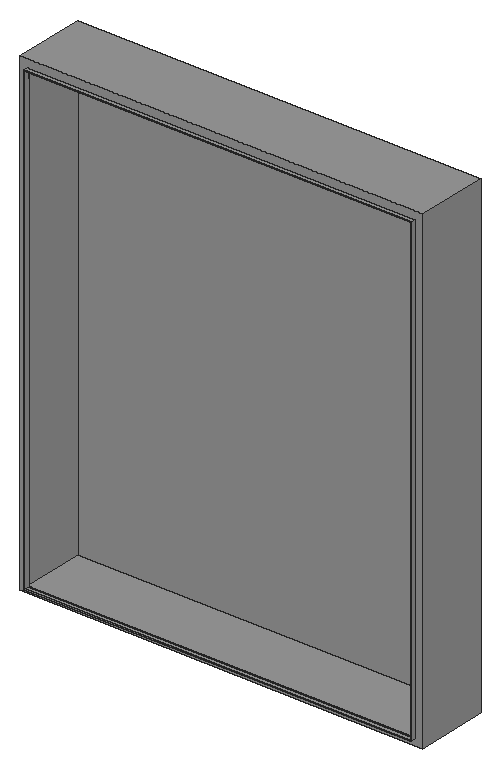
Revit family "Hager-Univers-IP30-D161-Cl.II-FWB-encl--NoHosted-CH-fr", category Electrical Equipment, Revit 2020
Family settings
  Panel Configuration = Two Columns, Circuits Across
  Round Connector Dimension = Use Diameter
  Part Type = Panelboard
  Work Plane-Based = Yes
  Always vertical = Yes
  Cut with Voids When Loaded = No
  Shared = No
  Room Calculation Point = No
Parameters (values of type "saillie IP30 L800 H950 P161  - FWB63D1")
  Width Control [instance] = if([EF000008 - largeur] > Min Width, [EF000008 - largeur], Min Width)  # 800 mm
  Type Comments = [HG000003 - Gamme]  # "Univers"
  Thickness Door [instance] = if([EF009171 - épaisseur de matériau de la porte/du couvercle] > 3 mm, 3 mm, [EF009171 - épaisseur de matériau de la porte/du couvercle])  # 1 mm
  Seal Frame Offset [instance] = 17 mm  # constant formula
  Plinth Visibility [instance] = [HG000027 - Hauteur du socle] > 0 mm  # no
  Min Width [instance] = 100 mm  # constant formula
  Min Depth [instance] = (2 * [EF009170 - épaisseur de matériau du boîtier]) + 1 mm  # 5 mm
  Min Height [instance] = 100 mm  # constant formula
  Internal Frame Depth [instance] = (Door System Depth * 0.5)  # 9 mm
  Panel Name [instance] = ""  # (empty or 0)
  Model = ""
  HG000027 - Hauteur du socle = 0 mm
  HG000026 - Installation au sol = no
  HG000024 - Hauteur de la section basse = 600 mm
  HG000023 - Armoire double section = no
  HG000016 - Visibilité de la porte 3D [instance] = yes
  HG000015 - Visibilité de l'emprise de la porte [instance] = no
  HG000014 - Porte à droite [instance] = yes
  HG000013 - Porte à gauche [instance] = not([HG000014 - Porte à droite])  # no
  HG000012 - Angle de pivotement de la porte [instance] = 30.00°
  HG000010 - Portes asymétriques = no
  HG000009 - Porte à double battant = no
  HG000006 - Encastré = no
  HG000004 - Référence fabricant = "FWB63D1"
  HG000003 - Gamme = "Univers"
  HG000002 - avec porte = no
  Frame Offset Bottom [instance] = 10 mm  # constant formula
  Frame Offset [instance] = 15 mm  # constant formula
  EF015940 - couvercle avec décharge de pression = no
  EF011959 - degré de protection (NEMA) = ""
  EF009554 - nombre d'ouvertures pour plaques à bride = 6
  EF009212 - finition du couvercle = "EV009916 - avec échancrure"
  EF009171 - épaisseur de matériau de la porte/du couvercle = 1 mm
  EF009170 - épaisseur de matériau du boîtier = 2 mm
  EF008873 - courant nominal (In) = 125 A
  EF007800 - adapté à un parafoudre = no
  EF006306 - avec serrure = no
  EF006244 - couvercle/porte transparent(e) = no
  EF005474 - indice de protection (IP) = "EV006410 - IP30"
  EF004464 - type de porte = "EV000494 - sans"
  EF004427 - nombre de modules = 216
  EF004293 - indice de protection contre les chocs (IK) = "EV006815 - IK09"
  EF003532 - convient pour utilisation à l’extérieur = no
  EF002950 - largeur en nombre de modules = 12
  EF001613 - maintien de fonction = "EV000494 - sans"
  EF001596 - matériau du boîtier/corps = "EV000179 - acier"
  EF001131 - profondeur intérieure = 160 mm
  EF001088 - possibilité de montage en saillie = yes
  EF000437 - nombre d'entrées de conduit = 12
  EF000339 - type de capot = "EV004216 - porte"
  EF000266 - nombre de rangées = 0
  EF000218 - profondeur d'encastrement = 0 mm
  EF000118 - avec cadre/support de montage = no
  EF000116 - numéro RAL = "9010"
  EF000049 - profondeur = 161 mm
  EF000040 - hauteur = 950 mm
  EF000008 - largeur = 800 mm
  EF000007 - couleur = "EV000202 - blanc"
  EF000003 - mode de pose = "EV000384 - saillie"
  Door System Leaf Tolerance [instance] = 1.5 mm  # constant formula
  Door System Depth [instance] = 18 mm  # constant formula
  Door Height [instance] = Height Control - [HG000027 - Hauteur du socle]  # 950 mm
  Description = ""
  Default Elevation = 1219.2 mm
  Connector Offset [instance] = Height Control / 2  # 475 mm
  Manufacturer = "Hager"  # constant formula
  Height Control [instance] = if([EF000040 - hauteur] > Min Height, [EF000040 - hauteur], Min Height)  # 950 mm
  Depth Control [instance] = if([EF000049 - profondeur] > Min Depth, [EF000049 - profondeur], Min Depth)  # 161 mm
  Bottom Top Plate Trim [instance] = 1.5 mm  # constant formula
  Plinth height Ctrl [instance] = if([HG000027 - Hauteur du socle] > 0 mm, [HG000027 - Hauteur du socle], 12 mm)  # 12 mm
Types (19, lengths in mm): name | Width Control | Thickness Door | Min Depth | HG000004 - Référence fabricant | EF009554 - nombre d'ouvertures pour plaques à bride | EF009212 - finition du couvercle | EF009171 - épaisseur de matériau de la porte/du couvercle | EF009170 - épaisseur de matériau du boîtier | EF004427 - nombre de modules | EF001131 - profondeur intérieure | EF000437 - nombre d'entrées de conduit | EF000339 - type de capot | EF000040 - hauteur | EF000008 - largeur | Door Height | Connector Offset | Height Control
  saillie IP30 L1050 H1100 P161  - FWB74D1 | 1050 | 1 | 3 | "FWB74D1" | 8 | "EV009916 - avec échancrure" | 1 | 1 | 336 | 156 | 16 | "EV000494 - sans" | 1100 | 1050 | 1100 | 550 | 1100
  saillie IP30 L1050 H500 P161  - FWB34D1 | 1050 | 2 | 3 | "FWB34D1" | 8 | "EV009916 - avec échancrure" | 2 | 1 | 144 | 156 | 16 | "EV000494 - sans" | 500 | 1050 | 500 | 250 | 500
  saillie IP30 L1050 H650 P161  - FWB44D1 | 1050 | 1 | 3 | "FWB44D1" | 8 | "EV000116 - fermé" | 1 | 1 | 192 | 160 | 16 | "EV004216 - porte" | 650 | 1050 | 650 | 325 | 650
  saillie IP30 L1050 H800 P161  - FWB54D1 | 1050 | 1 | 5 | "FWB54D1" | 8 | "EV009916 - avec échancrure" | 1 | 2 | 240 | 160 | 16 | "EV004216 - porte" | 800 | 1050 | 800 | 400 | 800
  saillie IP30 L1050 H950 P161  - FWB64D1 | 1050 | 1 | 5 | "FWB64D1" | 8 | "EV009916 - avec échancrure" | 1 | 2 | 288 | 160 | 16 | "EV004216 - porte" | 950 | 1050 | 950 | 475 | 950
  saillie IP30 L300 H1100 P161  - FWB71D1 | 300 | 1 | 3 | "FWB71D1" | 2 | "EV009916 - avec échancrure" | 1 | 1 | 84 | 156 | 4 | "EV000494 - sans" | 1100 | 300 | 1100 | 550 | 1100
  saillie IP30 L300 H1250 P161  - FWB81D1 | 300 | 1 | 3 | "FWB81D1" | 2 | "EV009916 - avec échancrure" | 1 | 1 | 96 | 160 | 4 | "EV000494 - sans" | 1250 | 300 | 1250 | 625 | 1250
  saillie IP30 L300 H650 P161  - FWB41D1 | 300 | 1 | 3 | "FWB41D1" | 2 | "EV000116 - fermé" | 1 | 1 | 48 | 160 | 4 | "EV004216 - porte" | 650 | 300 | 650 | 325 | 650
  saillie IP30 L300 H800 P161  - FWB51D1 | 300 | 1 | 3 | "FWB51D1" | 2 | "EV009916 - avec échancrure" | 1 | 1 | 60 | 156 | 4 | "EV000494 - sans" | 800 | 300 | 800 | 400 | 800
  saillie IP30 L300 H950 P161  - FWB61D1 | 300 | 1 | 3 | "FWB61D1" | 2 | "EV009916 - avec échancrure" | 1 | 1 | 72 | 156 | 4 | "EV000494 - sans" | 950 | 300 | 950 | 475 | 950
  saillie IP30 L550 H1100 P161  - FWB72D1 | 550 | 1 | 3 | "FWB72D1" | 4 | "EV009916 - avec échancrure" | 1 | 1 | 168 | 156 | 8 | "EV000494 - sans" | 1100 | 550 | 1100 | 550 | 1100
  saillie IP30 L550 H500 P161  - FWB32D1 | 550 | 2 | 5 | "FWB32D1" | 4 | "EV009916 - avec échancrure" | 2 | 2 | 72 | 156 | 8 | "EV000494 - sans" | 500 | 550 | 500 | 250 | 500
  saillie IP30 L550 H650 P161  - FWB42D1 | 550 | 1 | 3 | "FWB42D1" | 4 | "EV000116 - fermé" | 1 | 1 | 96 | 160 | 8 | "EV004216 - porte" | 650 | 550 | 650 | 325 | 650
  saillie IP30 L550 H800 P161  - FWB52D1 | 550 | 1 | 3 | "FWB52D1" | 4 | "EV009916 - avec échancrure" | 1 | 1 | 120 | 156 | 8 | "EV000494 - sans" | 800 | 550 | 800 | 400 | 800
  saillie IP30 L550 H950 P161  - FWB62D1 | 550 | 1 | 3 | "FWB62D1" | 4 | "EV009916 - avec échancrure" | 1 | 1 | 144 | 156 | 8 | "EV000494 - sans" | 950 | 550 | 950 | 475 | 950
  saillie IP30 L800 H500 P161  - FWB33D1 | 800 | 1 | 3 | "FWB33D1" | 6 | "EV000116 - fermé" | 1 | 1 | 108 | 160 | 12 | "EV004216 - porte" | 500 | 800 | 500 | 250 | 500
  saillie IP30 L800 H650 P161  - FWB43D1 | 800 | 1 | 5 | "FWB43D1" | 6 | "EV000116 - fermé" | 1 | 2 | 144 | 160 | 12 | "EV004216 - porte" | 650 | 800 | 650 | 325 | 650
  saillie IP30 L800 H800 P161  - FWB53D1 | 800 | 1 | 3 | "FWB53D1" | 6 | "EV000116 - fermé" | 1 | 1 | 180 | 160 | 12 | "EV004216 - porte" | 800 | 800 | 800 | 400 | 800
  saillie IP30 L800 H950 P161  - FWB63D1 | 800 | 1 | 5 | "FWB63D1" | 6 | "EV009916 - avec échancrure" | 1 | 2 | 216 | 160 | 12 | "EV004216 - porte" | 950 | 800 | 950 | 475 | 950
Reference planes
  plane 1 "Center (Front/Back)": y = 0
  plane 2: z = 0
  plane 3 "Center (Left/Right)": x = 0
  plane 4: y = 0
  plane 5: y = 0
  plane 6: z = 0
  plane 7: x = -400
  plane 8: x = 400
  plane 9: x = 398
  plane 10: x = -398
  plane 11: z = 0
  plane 12: z = 2
  plane 13: y = -161
  plane 14: y = -2
  plane 15: x = 0
  plane 16: y = -143
  plane 17: y = -159
  plane 18: y = -141
  plane 19: x = -383
  plane 20: x = 383
  plane 21: z = 12
  plane 22: x = -383
  plane 23: x = 383
  plane 24: z = 0
  plane 25: z = 950
  plane 26: z = 950
  plane 27: z = 933
  plane 28: z = 948
Forms (mm)
  Extrusion 1, solid, material "Hager_Steel_RAL7035_Light_Grey", detail levels medium+fine
    sketch origin (-208.679, -4572, 0) x (-1, 0, 0) y (0, -1, 0)
      loop
        line (191.321, -4429) -> (-608.679, -4429) -> (-608.679, -4572) -> (191.321, -4572) -> (191.321, -4429)
    from 0 to 950
  Extrusion 2, void
    sketch origin (-350.771, -161, 1219.2) x (1, 0, 0) y (0, 0, 1)
      loop
        line (-47.229, -271.2) -> (-47.229, -1217.2) -> (748.771, -1217.2) -> (748.771, -271.2) -> (-47.229, -271.2)
    from -20 to -159
  Extrusion 3, void
    sketch origin (-290.084, -143, 1219.2) x (1, 0, 0) y (0, 0, 1)
      loop
        line (-92.916, -1207.2) -> (673.084, -1207.2) -> (673.084, -286.2) -> (-92.916, -286.2) -> (-92.916, -1207.2)
    from 0 to -2
  Extrusion 4, solid, material "Hager_Steel_RAL7035_Light_Grey", visible <- "Plinth Visibility", detail levels medium+fine
    sketch origin (0, 0, 0) x (1, 0, 0) y (0, 1, 0)
      loop
        line (-400, 0) -> (-400, -143) -> (400, -143) -> (400, 0) -> (-400, 0)
    from 0 to 12 <- "Plinth height Ctrl"
  Extrusion 5, solid, material "Hager_Steel_RAL7035_Light_Grey", detail levels coarse
    sketch origin (0, 0, 0) x (1, 0, 0) y (0, 1, 0)
      loop
        line (-400, 0) -> (-400, -161) -> (400, -161) -> (400, 0) -> (-400, 0)
    from 0 to 950 <- "Height Control"
  Sweep 6, void
    path in 3D
      loop
        line (-400, -143, 12) -> (400, -143, 12) -> (400, 0, 12) -> (-400, 0, 12) -> (-400, -143, 12)
    profile origin (-400, -71.5, 12) x (1, 0, 0) y (0, 0, 1)
      loop
        line (0, 0) -> (0, -1.5) -> (1.5, -1.5)
        arc (1.5, -1.5) -> (1.061, -0.439) -> (0, 0) r 1.5
  Extrusion 7, solid, material "Hager_Steel_RAL7035_Light_Grey", detail levels fine
    sketch origin (-400, -143, 0) x (1, 0, 0) y (0, 0, 1)
      loop
        line (17, 12) -> (783, 12) -> (783, 933) -> (17, 933) -> (17, 12)
      loop
        line (16, 11) -> (784, 11) -> (784, 934) -> (16, 934) -> (16, 11)
    from 0 to 9 <- "Internal Frame Depth"
Cuts and joins
  Extrusion 2, Extrusion 3 cuts Extrusion 1
  Sweep 6 cuts Extrusion 4
Lines and regions (mm)
  Masking region 1
    outline origin (0, 0, 0) x (1, 0, 0) y (0, 1, 0)
      loop
        line (-400, 0) -> (-400, -161) -> (400, -161) -> (400, 0) -> (-400, 0)
  Masking region 2, detail levels coarse
    outline origin (-290.084, -143, 1219.2) x (-1, 0, 0) y (0, 0, 1)
      loop
        line (-690.084, -1219.2) -> (109.916, -1219.2) -> (109.916, -269.2) -> (-690.084, -269.2) -> (-690.084, -1219.2)
  Masking region 3, detail levels coarse
    outline origin (0, 0, 0) x (0, 1, 0) y (0, 0, 1)
      loop
        line (0, 0) -> (0, 950) -> (-161, 950) -> (-161, 0) -> (0, 0)
  Masking region 4, visible <- "Plinth Visibility", detail levels medium+fine
    outline origin (0, 0, 0) x (0, 1, 0) y (0, 0, 1)
      loop
        line (-1.5, 12) -> (-141.5, 12)
        arc (-141.5, 12) -> (-141.939, 10.939) -> (-143, 10.5) r 1.5
        line (-143, 10.5) -> (-143, 0) -> (0, 0) -> (0, 10.5)
        arc (0, 10.5) -> (-1.061, 10.939) -> (-1.5, 12) r 1.5
  Masking region 5, detail levels medium+fine
    outline origin (0, 0, 594.038) x (0, 1, 0) y (0, 0, 1)
      loop
        line (0, -594.038) -> (0, 355.962) -> (-143, 355.962) -> (-143, -594.038) -> (0, -594.038)
  Masking region 6, detail levels medium+fine
    outline origin (-359.7, -143, 1211.883) x (-1, 0, 0) y (0, 0, 1)
      loop
        line (-759.7, -1211.883) -> (40.3, -1211.883) -> (40.3, -261.883) -> (-759.7, -261.883) -> (-759.7, -1211.883)
  Masking region 7, visible <- "Plinth Visibility", detail levels medium+fine
    outline origin (-320.334, -143, 1041.368) x (-1, 0, 0) y (0, 0, 1)
      loop
        line (-720.334, -1041.368) -> (79.666, -1041.368) -> (79.666, -1030.868)
        arc (79.666, -1030.868) -> (78.606, -1030.429) -> (78.166, -1029.368) r 1.5
        line (78.166, -1029.368) -> (-718.834, -1029.368)
        arc (-718.834, -1029.368) -> (-719.273, -1030.429) -> (-720.334, -1030.868) r 1.5
        line (-720.334, -1030.868) -> (-720.334, -1041.368)
  sketch lines
    curve 1: line (-400, 0, 12) -> (-400, -143, 12)
    curve 2: line (-400, -143, 12) -> (400, -143, 12)
    curve 3: line (400, 0, 12) -> (-400, 0, 12)
    curve 4: line (400, -143, 12) -> (400, 0, 12)
Dimensions and locks
  locked: plane 1 "Center (Front/Back)" to plane 5
  "EF009170 - épaisseur de matériau du boîtier": plane 7 to plane 10
  "EF009170 - épaisseur de matériau du boîtier": plane 8 to plane 9
  equal spacing: plane 7, plane 3 "Center (Left/Right)", plane 8
  "Width Control": plane 7 to plane 8
  "Depth Control": plane 4 to plane 13
  "EF009170 - épaisseur de matériau du boîtier": plane 4 to plane 14
  "Height Control": plane 25 to level
  "HG000027 - Hauteur du socle": plane 11 to level
  "EF009170 - épaisseur de matériau du boîtier": plane 12 to plane 11
  "EF009170 - épaisseur de matériau du boîtier": plane 17 to plane 13
  "EF009170 - épaisseur de matériau du boîtier": plane 18 to plane 16
  "Frame Offset Bottom": plane 21 to plane 12
  "Frame Offset": plane 10 to plane 19
  "Frame Offset": plane 9 to plane 20
  "Door System Depth": plane 16 to plane 13
  "Seal Frame Offset": plane 7 to plane 22
  "Seal Frame Offset": plane 8 to plane 23
  "EF009170 - épaisseur de matériau du boîtier": plane 26 to plane 28
  "Frame Offset": plane 28 to plane 27
  "Connector Offset": plane 2 to connector elem
  "Bottom Top Plate Trim": profile plane to Sweep 6 sketch curve
  "Bottom Top Plate Trim": Sweep 6 sketch curve to Sweep 6 sketch curve
  "Plinth height Ctrl": Masking region 4 sketch curve to level
  "Plinth height Ctrl": Masking region 7 sketch curve to level
  "Thickness Door": Extrusion 7 sketch curve to Extrusion 7 sketch curve  (x4)
  "Bottom Top Plate Trim": radius of Sweep 6 sketch curve
  "Bottom Top Plate Trim": radius of Masking region 4 sketch curve  (x2)
  "Bottom Top Plate Trim": radius of Masking region 7 sketch curve  (x2)
  aligned and locked: Extrusion 2 sketch curve to plane 12
  aligned and locked: Extrusion 2 sketch curve to plane 9
  aligned and locked: Extrusion 2 sketch curve to plane 10
  aligned and locked: Extrusion 2 to plane 14
  aligned and locked: Extrusion 1 sketch curve to plane 4
  aligned and locked: plane 8 to Extrusion 1 sketch curve
  aligned and locked: plane 7 to Extrusion 1 sketch curve
  aligned and locked: Extrusion 2 to plane 18
  aligned and locked: Extrusion 3 sketch curve to plane 19
  aligned and locked: plane 20 to Extrusion 3 sketch curve
  aligned and locked: Extrusion 3 to Extrusion 2
  aligned and locked: Extrusion 3 sketch curve to plane 21
  aligned and locked: plane 3 "Center (Left/Right)" to nested 1
  aligned and locked: Extrusion 1 sketch curve to plane 16
  aligned and locked: Extrusion 4 sketch curve to cut or joined group of Extrusion 1, Extrusion 2, Extrusion 3
  aligned and locked: Masking region 1 sketch curve to plane 7
  aligned and locked: Masking region 1 sketch curve to plane 5
  aligned and locked: Masking region 1 sketch curve to plane 8
  aligned and locked: Masking region 2 sketch curve to level
  aligned and locked: level to Masking region 3 sketch curve
  aligned and locked: plane 1 "Center (Front/Back)" to Masking region 3 sketch curve
  aligned and locked: plane 13 to Masking region 3 sketch curve
  aligned and locked: plane 5 to Masking region 4 sketch curve
  aligned and locked: Masking region 2 sketch curve to plane 8
  aligned and locked: Masking region 2 sketch curve to plane 7
  aligned and locked: plane 7 to nested 2
  aligned and locked: nested 2 to plane 5
  aligned and locked: plane 5 to Masking region 5 sketch curve
  aligned and locked: plane 26 to Masking region 5 sketch curve
  aligned and locked: Extrusion 5 sketch curve to plane 8
  aligned and locked: Extrusion 5 sketch curve to plane 7
  aligned and locked: Extrusion 5 sketch curve to plane 5
  aligned and locked: Extrusion 3 sketch curve to plane 27
  aligned and locked: Extrusion 2 sketch curve to plane 28
  aligned and locked: Masking region 2 to plane 25
  aligned and locked: Extrusion 4 to plane 16
  aligned and locked: profile plane to Sweep 6 sketch curve
  aligned and locked: Masking region 5 sketch curve to plane 24
  aligned and locked: level to Masking region 4 sketch curve
  aligned and locked: Masking region 1 to plane 13
  aligned and locked: nested 1 to plane 16
  aligned and locked: Masking region 3 to plane 25
  aligned and locked: plane 16 to Masking region 4 sketch curve
  aligned and locked: Masking region 5 sketch curve to plane 16
  aligned and locked: plane 24 to plane 11
  aligned and locked: plane 26 to plane 25
  aligned and locked: plane 26 to cut or joined group of Extrusion 1, Extrusion 2, Extrusion 3
  aligned and locked: nested 1 to plane 24
  aligned and locked: Extrusion 1 to Extrusion 3
  aligned and locked: Masking region 6 sketch curve to plane 8
  aligned and locked: Masking region 6 sketch curve to plane 24
  aligned and locked: Masking region 6 sketch curve to plane 7
  aligned and locked: Masking region 6 sketch curve to plane 26
  aligned and locked: Masking region 7 sketch curve to plane 7
  aligned and locked: level to Masking region 7 sketch curve
  aligned and locked: Masking region 7 sketch curve to plane 8
  aligned and locked: Extrusion 7 sketch curve to cut or joined group of Extrusion 1, Extrusion 2, Extrusion 3  (x4)
Automatic sketch dimensions
  plane 19 to Extrusion 3 sketch curve = 0 mm
  Extrusion 3 sketch curve to plane 20 = 0 mm
  Extrusion 3 sketch curve to plane 21 = 0 mm
  Extrusion 4 sketch curve to plane 7 = 0 mm
  Extrusion 4 sketch curve to plane 8 = 0 mm
  Extrusion 4 sketch curve to plane 16 = 0 mm
  Masking region 1 sketch curve to plane 13 = 0 mm
  Masking region 2 sketch curve to plane 25 = 0 mm
  Masking region 3 sketch curve to plane 25 = 0 mm
  Extrusion 5 sketch curve to plane 13 = 0 mm
  profile plane to Sweep 6 sketch curve = 0 mm
Nested families
  nested 1: "EC000058_Univers_Door" at (0, -143, 0), Double <- "HG000009 - Porte à double battant", Transparent <- "EF006244 - couvercle/porte transparent(e)", Angle <- "HG000012 - Angle de pivotement de la porte", Door_Right <- "HG000014 - Porte à droite", Assymetrical <- "HG000010 - Portes asymétriques", Door <- "HG000002 - avec porte", Width_Ctrl <- "Width Control", 3d_Door <- "HG000016 - Visibilité de la porte 3D", Clearance <- "HG000015 - Visibilité de l'emprise de la porte", Door_Left <- "HG000013 - Porte à gauche", Width <- "Width Control", Door_Depth <- "Door System Depth", Leaf_Tolerance <- "Door System Leaf Tolerance", Height <- "Door Height", Lock_Visibility <- "EF006306 - avec serrure", Thickness <- "Thickness Door", type "EC000058_Univers_Door", detail levels medium+fine
    with min_wh 3 mm, Width_Ctrl 800 mm, Width 800 mm, Transparent no, Thickness 1 mm, Seal_Material Hager_Rubber, Lock_Visibility no, Lock_Material Hager_Plastic_RAL9005_Jet_Black, Leaf_Width 800 mm, Leaf_Tolerance_External_Sides 0 mm, Leaf_Tolerance 1.5 mm, Leaf_Offset 0 mm, Leaf_Height 947 mm, Leaf_2_Width 800 mm, Leaf_2_Offset 400 mm, Leaf_1_Width 800 mm, Leaf_1_Offset 400 mm, Height_Ctrl 950 mm, Height 950 mm, Glass_Material Hager_Glass, Double_Clearance_Ctrl no, Double no, Door_Right_Ctrl no, Door_Right yes, Door_Material Hager_Steel_RAL7035_Light_Grey, Door_Left_Ctrl no, Door_Left no, Door_Depth 18 mm, Door no, Clearance_Material Hager_Clearance, Clearance_Depth 800 mm, Clearance_Ctrl no, Clearance no, Assymetrical no, Angle 30.00°, 3d_Door yes
  nested 2: "Hager_Enclosure_Symbol" at (-400, 0, 0), Height <- "Depth Control", Width <- "Width Control", type "Hager_Enclosure_Symbol"
    with Width_Ctrl 800 mm, Width 800 mm, Height_Ctrl 161 mm, Height 161 mm, A_Width_Int 10.566 mm, A_Width 126.788 mm, A_Height_Ctrl 140.875 mm, A_Height 140.875 mm
Connectors
  electrical at (0, 0, 475)
    settings: on plane 1 "Center (Front/Back)", index 1, voltage 0 V, apparent load 0 VA, apparent load phase1 0 VA, apparent load phase2 0 VA, apparent load phase3 0 VA, power factor 1, load classification "Other", number of poles 1, system type 30, power factor state 1, is connector primary yes, connector utility no, sub classification motor no, connector description ""
Definition of nested family "EC000058_Univers_Door"
  Parameters (values of type "EC000058_Univers_Door")
    min_wh [instance] = (2 * Thickness) + 1 mm  # 11 mm
    Width_Ctrl [instance] = 400 mm
    Width [instance] = 500 mm
    Transparent [instance] = yes
    Thickness [instance] = 5 mm
    Seal_Material [instance] = none
    Lock_Visibility [instance] = yes
    Lock_Material [instance] = none
    Leaf_Width [instance] = if((Width_Ctrl - 2 * Leaf_Tolerance_External_Sides) > 0 mm, (Width_Ctrl - 2 * Leaf_Tolerance_External_Sides), min_wh)  # 400 mm
    Leaf_Tolerance_External_Sides [instance] = 0 mm  # constant formula
    Leaf_Tolerance [instance] = 1.5 mm
    Leaf_Offset [instance] = 0 mm  # constant formula
    Leaf_Height [instance] = if((Height_Ctrl - 2 * Leaf_Tolerance) > 0 mm, (Height_Ctrl - 2 * Leaf_Tolerance), min_wh)  # 497 mm
    Leaf_2_Width [instance] = if(and(and(Double, Assymetrical), Door_Left), (Leaf_Width / 3) - (Leaf_Tolerance / 2), if(and(and(Double, Assymetrical), Door_Right), (Leaf_Width / 3) * 2 - (Leaf_Tolerance / 2), if(and(Double, not(Assymetrical)), (Leaf_Width / 2) - Leaf_Tolerance, Leaf_Width)))  # 400 mm
    Leaf_2_Offset [instance] = if(and(Double, Assymetrical), Leaf_2_Width / 2, if(and(Double, not(Assymetrical)), Leaf_Width / 4, Leaf_Width / 2))  # 200 mm
    Leaf_1_Width [instance] = if(and(and(Double, Assymetrical), Door_Right), (Leaf_Width / 3) - (Leaf_Tolerance / 2), if(and(and(Double, Assymetrical), Door_Left), (Width / 3) * 2 - (Leaf_Tolerance / 2), if(and(Double, not(Assymetrical)), (Leaf_Width / 2) - Leaf_Tolerance, Leaf_Width)))  # 400 mm
    Leaf_1_Offset [instance] = if(and(Double, Assymetrical), Leaf_1_Width / 2, if(and(Double, not(Assymetrical)), Leaf_Width / 4, Leaf_Width / 2))  # 200 mm
    Height_Ctrl [instance] = if(Height > min_wh, Height, min_wh)  # 500 mm
    Height [instance] = 500 mm
    Glass_Material [instance] = none
    Double_Clearance_Ctrl [instance] = and(Double, Clearance)  # no
    Double [instance] = no
    Door_Right_Ctrl [instance] = and(or(Door_Right, Double), Door)  # yes
    Door_Right [instance] = yes
    Door_Material [instance] = none
    Door_Left_Ctrl [instance] = and(or(Door_Left, Double), Door)  # no
    Door_Left [instance] = no
    Door_Depth [instance] = 30 mm
    Door [instance] = yes
    Default Elevation = 1219.2 mm
    Clearance_Material [instance] = none
    Clearance_Depth [instance] = if(Leaf_1_Width > Leaf_2_Width, Leaf_1_Width, Leaf_2_Width)  # 400 mm
    Clearance_Ctrl [instance] = and(not(Double), Clearance)  # yes
    Clearance [instance] = yes
    Assymetrical [instance] = yes
    Angle [instance] = 30.00°
    3d_Door [instance] = yes
  Reference planes
    plane 1 "Center (Front/Back)": y = 0
    plane 2 "Bottom": z = 0
    plane 3 "Center (Left/Right)": x = 0
    plane 4: z = 500
    plane 5: x = -200
    plane 6: x = 200
    plane 7: z = 500
    plane 8: x = -200
    plane 9: z = 0
    plane 10: x = 200
    plane 11: y = 0
    plane 12: z = 1.5
    plane 13: x = -600
    plane 14: y = -400
    plane 15: x = 600
    plane 16: x = 0
    plane 17: x = 0
    plane 18: x = -200
    plane 19: x = 200
    plane 20: z = 498.5
  Forms (mm)
    Extrusion 1, solid, material <- "Clearance_Material", visible <- "Double_Clearance_Ctrl"
      sketch origin (1200, 0, 0) x (1, 0, 0) y (0, 0, -1)
        loop
          line (-1800, -498.5) -> (-600, -498.5) -> (-600, 0) -> (-1800, 0) -> (-1800, -498.5)
      from 0 to -400
  Dimensions and locks
    equal spacing: plane 5, plane 3 "Center (Left/Right)", plane 6
    "Width_Ctrl": plane 5 to plane 6
    "Leaf_Offset": plane 5 to plane 8
    "Leaf_Offset": plane 6 to plane 10
    "Leaf_Offset": plane 9 to level
    "Leaf_Offset": plane 4 to plane 7
    "Height_Ctrl": plane 4 to level
    "Leaf_Tolerance": plane 12 to plane 9
    locked: plane 11 to plane 1 "Center (Front/Back)"
    "Leaf_1_Offset": plane 18 to plane 16
    "Leaf_2_Offset": plane 17 to plane 19
    "Leaf_1_Width": plane 13 to plane 8
    "Leaf_2_Width": plane 10 to plane 15
    "Clearance_Depth": plane 14 to plane 1 "Center (Front/Back)"
    "Leaf_Tolerance_External_Sides": plane 8 to plane 18
    "Leaf_Tolerance_External_Sides": plane 19 to plane 10
    "Leaf_Tolerance": plane 7 to plane 20
    aligned and locked: level to plane 2 "Bottom"
    aligned and locked: nested 1 to plane 16
    aligned and locked: nested 2 to plane 17
    aligned and locked: Extrusion 1 to plane 13
    aligned and locked: plane 15 to Extrusion 1
    aligned and locked: Extrusion 1 to plane 14
    aligned and locked: plane 12 to nested 1
    aligned and locked: nested 2 to plane 12
    aligned and locked: Extrusion 1 to plane 11
    aligned and locked: plane 20 to Extrusion 1
    aligned and locked: nested 2 to plane 11
    aligned and locked: nested 1 to plane 11
  Automatic sketch dimensions
    Extrusion 1 sketch curve to level = 0 mm
    plane 5 to Extrusion 1 sketch curve = 400 mm
    plane 6 to Extrusion 1 sketch curve = 400 mm
    Extrusion 1 sketch curve to plane 4 = 1.5 mm
  Nested families
    nested 1: "EC000058_Univers_Door_Leaf" at (0, 0, 1.5), Width <- "Leaf_1_Width", visible <- "Door_Left_Ctrl", Leaf_Height <- "Leaf_Height", Angle <- "Angle", 3d_Door <- "3d_Door", Transparent <- "Transparent", Clearance Material <- "Clearance_Material", Clearance <- "Clearance_Ctrl", Door_Material <- "Door_Material", Glass_Material <- "Glass_Material", Door_Depth <- "Door_Depth", Lock_Material <- "Lock_Material", Seal_Material <- "Seal_Material", Lock_Visibility <- "Lock_Visibility", Thickness <- "Thickness", type "EC000058_Univers_Door_Leaf"
      with Width 400 mm, Transparent_Glass_Offset 30 mm, Transparent_Ctrl yes, Transparent yes, Thickness 5 mm, Standard no, Seal_Material none, Seal_D2 8 mm, Seal_D1 1 mm, Offset_Internal_Frame 10 mm, Lock_Width 20 mm, Lock_Visibility_3d yes, Lock_Visibility yes, Lock_Thickness_3 3 mm, Lock_Thickness_2 1 mm, Lock_Thickness_1 3 mm, Lock_Radius_Offset_2 16 mm, Lock_Radius_Offset_1 15 mm, Lock_Radius_2 5 mm, Lock_Radius 6 mm, Lock_Offset 5 mm, Lock_Material none, Lock_Height 80 mm, Lock_Cover_Top_Offset_2d 17 mm, Lock_Cover_Height -65 mm, Leaf_Height 497 mm, Internal_Seal_Thickness 8 mm, Internal_Seal_Depth_2 4.5 mm, Internal_Frame_Depth 25 mm, Glass_Thickness -1 mm, Glass_Offset -2 mm, Glass_Material none, Door_Material none, Door_Depth 30 mm, Clearance Material none, Clearance yes, Angle_Ctrl 30.00°, Angle 30.00°, 3d_Door yes
    nested 2: "EC000058_Univers_Door_Leaf" at (0, 0, 1.5) x (-1, 0, 0) z (0, 0, 1), Width <- "Leaf_2_Width", visible <- "Door_Right_Ctrl", Leaf_Height <- "Leaf_Height", Angle <- "Angle", 3d_Door <- "3d_Door", Transparent <- "Transparent", Clearance Material <- "Clearance_Material", Clearance <- "Clearance_Ctrl", Door_Material <- "Door_Material", Glass_Material <- "Glass_Material", Door_Depth <- "Door_Depth", Lock_Material <- "Lock_Material", Seal_Material <- "Seal_Material", Lock_Visibility <- "Lock_Visibility", Thickness <- "Thickness", type "EC000058_Univers_Door_Leaf"
      with Width 400 mm, Transparent_Glass_Offset 30 mm, Transparent_Ctrl yes, Transparent yes, Thickness 5 mm, Standard no, Seal_Material none, Seal_D2 8 mm, Seal_D1 1 mm, Offset_Internal_Frame 10 mm, Lock_Width 20 mm, Lock_Visibility_3d yes, Lock_Visibility yes, Lock_Thickness_3 3 mm, Lock_Thickness_2 1 mm, Lock_Thickness_1 3 mm, Lock_Radius_Offset_2 16 mm, Lock_Radius_Offset_1 15 mm, Lock_Radius_2 5 mm, Lock_Radius 6 mm, Lock_Offset 5 mm, Lock_Material none, Lock_Height 80 mm, Lock_Cover_Top_Offset_2d 17 mm, Lock_Cover_Height -65 mm, Leaf_Height 497 mm, Internal_Seal_Thickness 8 mm, Internal_Seal_Depth_2 4.5 mm, Internal_Frame_Depth 25 mm, Glass_Thickness -1 mm, Glass_Offset -2 mm, Glass_Material none, Door_Material none, Door_Depth 30 mm, Clearance Material none, Clearance yes, Angle_Ctrl 30.00°, Angle 30.00°, 3d_Door yes
  Definition of nested family "EC000058_Univers_Door_Leaf"
    Parameters (values of type "EC000058_Univers_Door_Leaf")
      Width [instance] = 2000 mm
      Transparent_Glass_Offset [instance] = 30 mm
      Transparent_Ctrl [instance] = and(Transparent, [3d_Door])  # yes
      Transparent [instance] = yes
      Thickness [instance] = 5 mm
      Standard [instance] = and(not(Transparent), [3d_Door])  # no
      Seal_Material [instance] = none
      Seal_D2 [instance] = 8 mm  # constant formula
      Seal_D1 [instance] = 1 mm  # constant formula
      Offset_Internal_Frame [instance] = 10 mm  # constant formula
      Lock_Width [instance] = 20 mm  # constant formula
      Lock_Visibility_3d [instance] = and(Lock_Visibility, [3d_Door])  # yes
      Lock_Visibility [instance] = yes
      Lock_Thickness_3 [instance] = 3 mm  # constant formula
      Lock_Thickness_2 [instance] = 1 mm  # constant formula
      Lock_Thickness_1 [instance] = 3 mm  # constant formula
      Lock_Radius_Offset_2 [instance] = Lock_Radius_Offset_1 + 1 mm  # 16 mm
      Lock_Radius_Offset_1 [instance] = 15 mm  # constant formula
      Lock_Radius_2 [instance] = Lock_Radius - 1 mm  # 5 mm
      Lock_Radius [instance] = 6 mm  # constant formula
      Lock_Offset [instance] = 5 mm  # constant formula
      Lock_Material [instance] = none
      Lock_Height [instance] = 80 mm  # constant formula
      Lock_Cover_Top_Offset_2d [instance] = Lock_Radius_Offset_2 + 1 mm  # 17 mm
      Lock_Cover_Height [instance] = -(Lock_Height - Lock_Radius_Offset_1)  # -65 mm
      Leaf_Height [instance] = 2720.336 mm
      Internal_Seal_Thickness [instance] = 8 mm  # constant formula
      Internal_Seal_Depth_2 [instance] = 4.5 mm  # constant formula
      Internal_Frame_Depth [instance] = if(Door_Depth - Thickness > 5 mm, Door_Depth - Thickness, 5 mm)  # 25 mm
      Glass_Thickness [instance] = if(Thickness > 15 mm, Glass_Offset + 10 mm, -1 mm)  # -1 mm
      Glass_Offset [instance] = if(Thickness > 15 mm, -(Thickness + 10 mm) / 2, -2 mm)  # -2 mm
      Glass_Material [instance] = none
      Door_Material [instance] = none
      Door_Depth [instance] = 30 mm
      Default Elevation = 0 mm
      Clearance Material [instance] = none
      Clearance [instance] = yes
      Angle_Ctrl [instance] = if(Angle > 180.00°, 180.00°, Angle)  # 90.00°
      Angle [instance] = 90.00°
      3d_Door [instance] = yes
    Reference planes
      plane 1 "Center (Front/Back)": y = 0
      plane 2: z = 0
      plane 3 "Center (Left/Right)": x = 0
      plane 4: y = 2000
      plane 5: x = -1000
      plane 6: x = 1000
      plane 7: x = -3000
      plane 8: z = 2720.336
      plane 9: z = 30
      plane 10: z = 2690.336
      plane 11: x = 970
      plane 12: x = -970
      plane 13: y = -3
      plane 14: z = 107.833
      plane 15: y = -5
      plane 16: y = -223.314
      plane 17: x = -1000
      plane 18: z = 1360.168
      plane 19: y = 30
    Forms (mm)
      Extrusion 1, solid, material <- "Clearance Material", visible <- "Clearance"
        sketch origin (0, 0, 0) x (1, 0, 0) y (0, 0, 1)
          loop
            line (-3000, 2720.336) -> (-3000, 0) -> (1000, 0) -> (1000, 2720.336) -> (-3000, 2720.336)
        from 0 to -2000
      Extrusion 2, solid, material <- "Door_Material", visible <- "Standard", detail levels medium+fine
        sketch origin (-1000, 0, 0) x (0, 1, 0) y (-1, 0, 0)
          loop
            line (0, 30) -> (0, 25) -> (2000, 25) -> (2000, 30) -> (0, 30)
        from 0 to 2720.336 <- "Leaf_Height"
      Extrusion 3, solid, material <- "Door_Material", visible <- "Transparent_Ctrl", detail levels medium+fine
        sketch origin (-1000, 0, 0) x (0, 1, 0) y (-1, 0, 0)
          loop
            line (0, 25) -> (2000, 25) -> (2000, 30) -> (0, 30) -> (0, 25)
        from 0 to 2720.336 <- "Leaf_Height"
      Extrusion 4, void
        sketch origin (-1025, 2000, 0) x (0, 1, 0) y (0, 0, -1)
          loop
            line (-30, -2690.336) -> (-30, -30) -> (-1970, -30) -> (-1970, -2690.336) -> (-30, -2690.336)
        from 0 to 5 <- "Thickness"
      Sweep 5, solid, material <- "Seal_Material", visible <- "Transparent_Ctrl", detail levels fine
        path in 3D
          loop
            line (-1025, 30, 30) -> (-1025, 30, 2690.336) -> (-1025, 1970, 2690.336) -> (-1025, 1970, 30) -> (-1025, 30, 30)
        profile origin (-1025, 1000, 30) x (1, 0, 0) y (0, 0, 1)
          loop
            line (0, 0) -> (0, -8) -> (1, -8) -> (1, 0) -> (0, 0)
      Extrusion 6, solid, material <- "Glass_Material", visible <- "Transparent_Ctrl", detail levels medium+fine
        sketch origin (-1030, 0, 0) x (0, 1, 0) y (0, 0, -1)
          loop
            line (1970, -2690.336) -> (1970, -30) -> (30, -30) -> (30, -2690.336) -> (1970, -2690.336)
        from -2 <- "Glass_Offset" to -1 <- "Glass_Thickness"
      Extrusion 7, solid, material <- "Door_Material", visible <- "3d_Door", detail levels medium+fine
        sketch origin (-1025, 2000, 0) x (0, -1, 0) y (0, 0, -1)
          loop
            line (0, -2720.336) -> (2000, -2720.336) -> (2000, 0) -> (0, 0) -> (0, -2720.336)
          loop
            line (1995, -5) -> (5, -5) -> (5, -2715.336) -> (1995, -2715.336) -> (1995, -5)
        from 0 to 25 <- "Internal_Frame_Depth"
      Sweep 8, solid, material <- "Seal_Material", visible <- "Transparent_Ctrl", detail levels fine
        path in 3D
          loop
            line (-1025, 0, 0) -> (-1025, 2000, 0) -> (-1025, 2000, 2720.336) -> (-1025, 0, 2720.336) -> (-1025, 0, 0)
        profile origin (-1025, 0, 1360.168) x (1, 0, 0) y (0, 1, 0)
          loop
            line (0, 10) -> (2.975, 10)
            arc (2.975, 10) -> (4.053, 10.447) -> (4.5, 11.525) r 1.525
            line (4.5, 11.525) -> (4.5, 16.527)
            arc (4.5, 16.527) -> (4.069, 17.569) -> (3.027, 18) r 1.473
            line (3.027, 18) -> (0, 18) -> (0, 10)
      Extrusion 9, solid, material <- "Lock_Material", visible <- "Lock_Visibility_3d", detail levels fine
        sketch origin (-1030, 0, 0) x (0, 1, 0) y (0, 0, -1)
          loop
            arc (1993.5, -1400.168) -> (1994.561, -1399.729) -> (1995, -1398.668) r 1.5
            line (1995, -1398.668) -> (1995, -1320.168) -> (1975, -1320.168) -> (1975, -1398.668)
            arc (1975, -1398.668) -> (1975.439, -1399.729) -> (1976.5, -1400.168) r 1.5
            line (1976.5, -1400.168) -> (1993.5, -1400.168)
        from 3 <- "Lock_Thickness_1" to 0
      Blend 10, solid, material <- "Lock_Material", visible <- "Lock_Visibility_3d", detail levels fine
        base sketch origin (-1033, 0, 0) x (0, 1, 0) y (0, 0, -1)
          loop
            line (1975, -1320.168) -> (1975, -1398.668)
            arc (1975, -1398.668) -> (1975.439, -1399.729) -> (1976.5, -1400.168) r 1.5
            line (1976.5, -1400.168) -> (1993.5, -1400.168)
            arc (1993.5, -1400.168) -> (1994.561, -1399.729) -> (1995, -1398.668) r 1.5
            line (1995, -1398.668) -> (1995, -1320.168) -> (1975, -1320.168)
        top sketch origin (-1033, 0, 0) x (0, 1, 0) y (0, 0, -1)
          loop
            line (1976, -1320.168) -> (1976, -1398.668)
            arc (1976, -1398.668) -> (1976.146, -1399.022) -> (1976.5, -1399.168) r 0.5
            line (1976.5, -1399.168) -> (1993.5, -1399.168)
            arc (1993.5, -1399.168) -> (1993.854, -1399.022) -> (1994, -1398.668) r 0.5
            line (1994, -1398.668) -> (1994, -1320.168) -> (1976, -1320.168)
        from 0 to 1 <- "Lock_Thickness_2"
      Blend 11, solid, material <- "Lock_Material", visible <- "Lock_Visibility_3d", detail levels fine
        base sketch origin (-1034, 0, 0) x (0, 1, 0) y (0, 0, -1)
          loop
            line (1978, -1320.168) -> (1978, -1384.168)
            arc (1978, -1384.168) -> (1985, -1391.168) -> (1992, -1384.168) r 7
            line (1992, -1384.168) -> (1992, -1320.168) -> (1978, -1320.168)
        top sketch origin (-1034, 0, 0) x (0, 1, 0) y (0, 0, -1)
          loop
            line (1991, -1320.168) -> (1979, -1320.168) -> (1979, -1383.168)
            arc (1979, -1383.168) -> (1985, -1389.168) -> (1991, -1383.168) r 6
            line (1991, -1383.168) -> (1991, -1320.168)
        from 0 to 3 <- "Lock_Thickness_3"
      Extrusion 12, solid, material <- "Lock_Material", visible <- "Lock_Visibility_3d", detail levels fine
        sketch origin (-1030, 1975, 1320.168) x (1, 0, 0) y (0, -1, 0)
          loop
            line (-7, -19) -> (-7, -1) -> (0, -1) -> (0, 0) -> (-8, 0) -> (-8, -20) -> (0, -20) -> (0, -19) -> (-7, -19)
        from 0 to -65 <- "Lock_Cover_Height"
      Extrusion 13, void
        sketch origin (-1038, 1995, 1320.168) x (-1, 0, 0) y (0, 0, -1)
          loop
            line (-5, -65) -> (0, -65) -> (-5, -60) -> (-5, -65)
        from 0 to 20 <- "Lock_Width"
      Extrusion 14, void
        sketch origin (-1038, 1975, 1320.168) x (0, -1, 0) y (0, 0, -1)
          loop
            circle (-10, -15.995) r 6
          loop
            circle (-10, -15.995) r 5
        from 0 to 2
      Extrusion 15, solid, material <- "Lock_Material", visible <- "Lock_Visibility_3d", detail levels medium
        sketch origin (-1030, 0, 0) x (0, 1, 0) y (0, 0, -1)
          loop
            arc (1993.5, -1400.168) -> (1994.561, -1399.729) -> (1995, -1398.668) r 1.5
            line (1995, -1398.668) -> (1995, -1320.168) -> (1975, -1320.168) -> (1975, -1398.668)
            arc (1975, -1398.668) -> (1975.439, -1399.729) -> (1976.5, -1400.168) r 1.5
            line (1976.5, -1400.168) -> (1993.5, -1400.168)
        from 8 to 0
    Cuts and joins
      Extrusion 4 cuts Extrusion 3
      Extrusion 13, Extrusion 14 cuts Extrusion 9
      Extrusion 14 cuts Blend 11
      Extrusion 13, Extrusion 14 cuts Extrusion 12
      joined: Extrusion 9, Blend 10, Blend 11, Extrusion 12
      Extrusion 14 cuts Extrusion 15
    Lines and regions (mm)
      Masking region 1, visible <- "Lock_Visibility", detail levels fine
        outline origin (0, 0, 0) x (0, 1, 0) y (0, 0, 1)
          loop
            line (30, 1320.168) -> (33, 1320.168) -> (33, 1400.168) -> (30, 1400.168) -> (30, 1320.168)
      Masking region 2, visible <- "Lock_Visibility", detail levels fine
        outline origin (0, 3.143, 0) x (0, 1, 0) y (0, 0, 1)
          loop
            line (29.857, 1354.168) -> (30.857, 1354.168) -> (30.857, 1366.168) -> (29.857, 1366.168) -> (29.857, 1354.168)
      Masking region 3, detail levels medium+fine
        outline origin (0, 0, 0) x (0, 1, 0) y (0, 0, 1)
          loop
            line (0, 0) -> (30, 0) -> (30, 2720.336) -> (0, 2720.336) -> (0, 0)
      Masking region 4, detail levels medium+fine
        outline origin (0, 0, 0) x (1, 0, 0) y (0, 0, 1)
          loop
            line (-1000, 2720.336) -> (-1000, 0) -> (1000, 0) -> (1000, 2720.336) -> (-1000, 2720.336)
      Masking region 5, visible <- "Lock_Visibility", detail levels fine
        outline origin (-47.116, 0, 0) x (1, 0, 0) y (0, 0, 1)
          loop
            arc (1024.616, 1399.168) -> (1023.556, 1398.729) -> (1023.116, 1397.668) r 1.5
            line (1023.116, 1397.668) -> (1023.116, 1320.168) -> (1041.116, 1320.168) -> (1041.116, 1397.668)
            arc (1041.116, 1397.668) -> (1040.677, 1398.729) -> (1039.616, 1399.168) r 1.5
            line (1039.616, 1399.168) -> (1024.616, 1399.168)
      Masking region 6, visible <- "Lock_Visibility", detail levels medium+fine
        outline origin (-25, 0, 0) x (1, 0, 0) y (0, 0, 1)
          loop
            arc (1001.5, 1400.168) -> (1000.439, 1399.729) -> (1000, 1398.668) r 1.5
            line (1000, 1398.668) -> (1000, 1320.168) -> (1020, 1320.168) -> (1020, 1398.668)
            arc (1020, 1398.668) -> (1019.561, 1399.729) -> (1018.5, 1400.168) r 1.5
            line (1018.5, 1400.168) -> (1001.5, 1400.168)
      Masking region 7, visible <- "Lock_Visibility", detail levels fine
        outline origin (-73.735, 0, 0) x (1, 0, 0) y (0, 0, 1)
          loop
            line (1051.735, 1382.168) -> (1065.735, 1382.168) -> (1065.735, 1384.168)
            arc (1065.735, 1384.168) -> (1058.735, 1391.168) -> (1051.735, 1384.168) r 7
            line (1051.735, 1384.168) -> (1051.735, 1382.168)
      Masking region 8, visible <- "Lock_Visibility", detail levels fine
        outline origin (-73.735, 0, 0) x (1, 0, 0) y (0, 0, 1)
          loop
            line (1052.735, 1382.168) -> (1064.735, 1382.168) -> (1064.735, 1383.168)
            arc (1064.735, 1383.168) -> (1058.735, 1389.168) -> (1052.735, 1383.168) r 6
            line (1052.735, 1383.168) -> (1052.735, 1382.168)
      Masking region 9, visible <- "Lock_Visibility", detail levels fine
        outline origin (-25, 0, 0) x (1, 0, 0) y (0, 0, 1)
          loop
            line (1020, 1320.168) -> (1020, 1382.168) -> (1000, 1382.168) -> (1000, 1320.168) -> (1020, 1320.168)
      Masking region 10, detail levels medium+fine
        outline origin (0, 0, 0) x (1, 0, 0) y (0, 0, 1)
          loop
            circle (985, 1335.144) r 6
      Masking region 11, detail levels fine
        outline origin (0, 0, 0) x (1, 0, 0) y (0, 0, 1)
          loop
            circle (985, 1335.144) r 5
      Masking region 12, visible <- "Lock_Visibility", detail levels fine
        outline origin (0, 12.767, 0) x (0, 1, 0) y (0, 0, 1)
          loop
            line (20.233, 1320.168) -> (21.233, 1320.168) -> (21.233, 1399.168) -> (20.233, 1400.168) -> (20.233, 1320.168)
      Masking region 13, visible <- "Lock_Visibility", detail levels fine
        outline origin (0, 13.767, -10) x (0, 1, 0) y (0, 0, 1)
          loop
            line (20.233, 1330.168) -> (23.233, 1330.168) -> (23.233, 1399.168) -> (20.233, 1402.168) -> (20.233, 1330.168)
      Masking region 14, visible <- "Lock_Visibility", detail levels fine
        outline origin (0, 12.767, -10) x (0, 1, 0) y (0, 0, 1)
          loop
            line (20.233, 1330.168) -> (25.233, 1330.168) -> (25.233, 1399.305) -> (20.233, 1394.305) -> (20.233, 1330.168)
      Masking region 15, visible <- "Lock_Visibility", detail levels medium
        outline origin (0, 0, 0) x (0, 1, 0) y (0, 0, 1)
          loop
            line (30, 1320.168) -> (38, 1320.168) -> (38, 1400.168) -> (30, 1400.168) -> (30, 1320.168)
      Masking region 16, visible <- "Lock_Visibility", detail levels fine
        outline origin (-1000, 0, 0) x (0, 1, 0) y (-1, 0, 0)
          loop
            line (1975, 30) -> (1995, 30) -> (1995, 38) -> (1975, 38) -> (1975, 30)
          loop
            line (1979, 37) -> (1976, 37) -> (1976, 34) -> (1978, 34) -> (1979, 37)
          loop
            line (1994, 37) -> (1991, 37) -> (1992, 34) -> (1994, 34) -> (1994, 37)
      Masking region 17, visible <- "Lock_Visibility", detail levels medium
        outline origin (-1000, 0, 0) x (0, 1, 0) y (-1, 0, 0)
          loop
            line (1975, 30) -> (1995, 30) -> (1995, 38) -> (1975, 38) -> (1975, 30)
      symbolic lines
        curve 1: line (1000, 0, 0) -> (-3000, 0, 0)
        curve 2: arc (1000, 0, 0) -> (-1000, 2000, 0) -> (-3000, 0, 0) r 2000
        curve 4: line (-1030, 0, 0) -> (-1030, 2000, 0)
      reference lines
        curve 3: line (-1000, 0, 0) -> (-1000, 2000, 0)
      symbolic lines, detail levels medium+fine
        curve 5: line (-1030, 2000, 0) -> (-1025, 2000, 0)
        curve 7: line (-1025, 0, 0) -> (-1030, 0, 0)
        curve 8: line (-1025, 0, 0) -> (-1000, 0, 0)
        curve 9: line (-1000, 0, 0) -> (-1000, 2000, 0)
        curve 10: line (-1000, 2000, 0) -> (-1025, 2000, 0)
      symbolic lines, detail levels fine
        curve 6: line (-1025, 2000, 0) -> (-1025, 0, 0)
      sketch lines
        curve 11: line (-1025, 0, 2720.336) -> (-1025, 0, 0)
        curve 12: line (-1025, 2000, 0) -> (-1025, 0, 0)
        curve 13: line (-1025, 2000, 2720.336) -> (-1025, 2000, 0)
        curve 14: line (-1025, 0, 2720.336) -> (-1025, 2000, 2720.336)
        curve 15: line (-1025, 1970, 30) -> (-1025, 30, 30)
        curve 16: line (-1025, 30, 30) -> (-1025, 30, 2690.336)
        curve 17: line (-1025, 1970, 2690.336) -> (-1025, 1970, 30)
        curve 18: line (-1025, 30, 2690.336) -> (-1025, 1970, 2690.336)
      symbolic lines, visible <- "Transparent", detail levels medium+fine
        curve 19: line (-970, 0, 2690.336) -> (970, 0, 2690.336)
        curve 20: line (-970, 0, 30) -> (-970, 0, 2690.336)
        curve 21: line (970, 0, 30) -> (-970, 0, 30)
        curve 22: line (970, 0, 2690.336) -> (970, 0, 30)
    Dimensions and locks
      "Width": plane 1 "Center (Front/Back)" to plane 4
      equal spacing: plane 5, plane 3 "Center (Left/Right)", plane 6
      "Width": plane 5 to plane 6
      "Width": plane 7 to plane 5
      "Leaf_Height": plane 8 to level
      "Width": curve 5 to curve 3
      "Width": curve 3 to curve 3
      plane 8 to plane 10 = 30 mm
      plane 9 to level = 30 mm
      plane 12 to plane 5 = 30 mm
      plane 6 to plane 11 = 30 mm
      Extrusion 1 to Extrusion 4 sketch curve = 30 mm
      "Transparent_Glass_Offset": curve 3 to Extrusion 4 sketch curve
      "Transparent_Glass_Offset": Extrusion 4 sketch curve to cut or joined group of Extrusion 3, Extrusion 4  (x2)
      cut or joined group of Extrusion 3, Extrusion 4 to Extrusion 6 sketch curve = 30 mm
      "Transparent_Glass_Offset": cut or joined group of Extrusion 3, Extrusion 4 to Extrusion 4 sketch curve
      "Thickness": curve 6 to curve 4
      "Thickness": Extrusion 7 sketch curve to Extrusion 7 sketch curve  (x4)
      "Door_Depth": curve 4 to curve 3
      "Offset_Internal_Frame": profile plane to Sweep 8 sketch curve
      "Internal_Seal_Thickness": Sweep 8 sketch curve to Sweep 8 sketch curve
      "Internal_Seal_Depth_2": profile plane to Sweep 8 sketch curve
      "Seal_D1": profile plane to Sweep 5 sketch curve
      "Seal_D2": profile plane to Sweep 5 sketch curve
      "Thickness": Extrusion 2 sketch curve to Extrusion 2 sketch curve
      equal spacing: Extrusion 9 sketch curve, plane 18, Extrusion 9 sketch curve  (x2)
      equal spacing: Masking region 1 sketch curve, plane 18, Masking region 1 sketch curve
      "Lock_Height": Masking region 1 sketch curve to Masking region 1 sketch curve
      "Lock_Radius": Masking region 2 sketch curve to plane 18 to Masking region 2 sketch curve
      Masking region 2 sketch curve to Masking region 1 = 1 mm
      "Door_Depth": plane 19 to plane 1 "Center (Front/Back)"
      "Lock_Thickness_1": Masking region 1 sketch curve to plane 19
      "Lock_Width": Extrusion 9 sketch curve to Extrusion 9 sketch curve
      "Lock_Height": Extrusion 9 sketch curve to Extrusion 9 sketch curve
      "Lock_Offset": cut or joined group of Extrusion 3, Extrusion 4 to Extrusion 9 sketch curve
      equal spacing: plane 8, plane 18, level
      "Lock_Radius_Offset_1": Blend 11 sketch curve to Blend 10
      locked: Blend 10 to Blend 11 sketch curve at 2  (x2)
      locked: var sketch to Blend 11 sketch curve at 1  (x2)
      "Lock_Radius_Offset_2": Blend 11 sketch curve to Blend 10
      locked: Extrusion 12 sketch curve to Extrusion 12 sketch curve at 1  (x3)
      Masking region 6 sketch curve to Masking region 6 sketch curve = 80 mm
      "Lock_Height": Masking region 6 sketch curve to Masking region 6 sketch curve
      "Lock_Width": Masking region 6 sketch curve to Masking region 6 sketch curve
      locked: Masking region 6 to Masking region 5 sketch curve at 1  (x3)
      locked: Masking region 5 to Masking region 7 sketch curve at 2  (x2)
      "Lock_Radius_Offset_1": Masking region 5 to Masking region 7 sketch curve
      "Lock_Radius_Offset_2": Masking region 5 to Masking region 8 sketch curve
      locked: Masking region 7 to Masking region 8 sketch curve at 1  (x2)
      "Lock_Cover_Top_Offset_2d": Masking region 5 to Masking region 9 sketch curve
      equal spacing: Masking region 9, Masking region 10 sketch curve, Masking region 9
      equal spacing: Masking region 9, Masking region 11 sketch curve, Masking region 9
      Extrusion 15 sketch curve to Extrusion 15 sketch curve = 80 mm
      "Lock_Width": Extrusion 15 sketch curve to Extrusion 15 sketch curve
      "Lock_Height": Extrusion 15 sketch curve to Extrusion 15 sketch curve
      equal spacing: Extrusion 15 sketch curve, plane 18, Extrusion 15 sketch curve
      "Lock_Thickness_3": Masking region 13 sketch curve to Masking region 13 sketch curve
      "Lock_Height": Masking region 12 sketch curve to Masking region 12 sketch curve
      locked: Masking region 13 sketch curve to Masking region 1 at 8
      locked: Masking region 14 sketch curve to Masking region 13 at 1
      locked: Masking region 14 sketch curve to Masking region 1 at 10.863
      "Lock_Height": Masking region 15 sketch curve to Masking region 15 sketch curve
      "Lock_Offset": Extrusion 15 sketch curve to cut or joined group of Extrusion 3, Extrusion 4
      "Lock_Offset": plane 6 to Masking region 6 sketch curve
      radius of Sweep 8 sketch curve = 1.525 mm
      radius of Sweep 8 sketch curve = 1.473 mm
      radius of Extrusion 9 sketch curve = 1.5 mm  (x2)
      "Lock_Radius": radius of Extrusion 14 sketch curve
      "Lock_Radius_2": radius of Extrusion 14 sketch curve
      "Lock_Radius": radius of Masking region 10 sketch curve
      "Lock_Radius_2": radius of Masking region 11 sketch curve
      radius of Extrusion 15 sketch curve = 1.5 mm  (x2)
      "Angle_Ctrl": angle plane 1 "Center (Front/Back)" to curve 3
      locked: Masking region 12 sketch curve to Masking region 12 sketch curve (angle 45.00°)
      locked: Masking region 13 sketch curve to Masking region 13 sketch curve (angle 45.00°)
      locked: Masking region 14 sketch curve to Masking region 14 sketch curve (angle 45.00°)
      aligned and locked: level to plane 2
      aligned and locked: Extrusion 1 to curve 1
      aligned and locked: plane 6 to Extrusion 1
      aligned and locked: Extrusion 1 to plane 1 "Center (Front/Back)"
      aligned and locked: plane 4 to Extrusion 1
      aligned and locked: plane 8 to Extrusion 1
      aligned and locked: curve 7 to Extrusion 2 sketch curve
      aligned and locked: curve 5 to Extrusion 2 sketch curve
      aligned and locked: curve 7 to Extrusion 3 sketch curve
      aligned and locked: Extrusion 3 sketch curve to curve 4
      aligned and locked: Extrusion 3 sketch curve to curve 6
      aligned and locked: Extrusion 3 sketch curve to curve 5
      aligned and locked: curve 9 to curve 3
      aligned and locked: Extrusion 7 sketch curve to cut or joined group of Extrusion 3, Extrusion 4  (x4)
      aligned and locked: plane 17 to curve 3
      aligned and locked: plane 1 "Center (Front/Back)" to curve 3
      aligned and locked: plane 17 to plane 5
      aligned and locked: Sweep 8 sketch curve to profile plane
      aligned and locked: Sweep 5 sketch curve to profile plane  (x2)
      aligned and locked: Masking region 1 to Masking region 2 sketch curve
      aligned and locked: plane 19 to Masking region 1 sketch curve
      aligned and locked: plane 1 "Center (Front/Back)" to Masking region 3 sketch curve
      aligned and locked: plane 19 to Masking region 3 sketch curve
      aligned and locked: level to Masking region 3 sketch curve
      aligned and locked: Masking region 3 sketch curve to plane 8
      aligned and locked: plane 17 to Masking region 4 sketch curve
      aligned and locked: level to Masking region 4 sketch curve
      aligned and locked: Masking region 4 sketch curve to plane 8
      aligned and locked: plane 12 to curve 20
      aligned and locked: plane 10 to curve 19
      aligned and locked: plane 11 to curve 22
      aligned and locked: curve 21 to plane 9
      aligned and locked: Extrusion 2 sketch curve to cut or joined group of Extrusion 3, Extrusion 4
      aligned and locked: Blend 10 sketch curve to Extrusion 9  (x4)
      aligned and locked: Extrusion 9 to Blend 10 sketch curve
      aligned and locked: Blend 10 to Blend 11 sketch curve
      aligned and locked: Extrusion 12 sketch curve to Blend 11
      aligned and locked: Extrusion 12 sketch curve to Extrusion 9  (x4)
      aligned and locked: Masking region 5 sketch curve to Masking region 6
      aligned and locked: Masking region 9 sketch curve to Masking region 6  (x3)
      aligned and locked: Masking region 12 sketch curve to Masking region 1
      aligned and locked: Masking region 13 sketch curve to Masking region 1
      aligned and locked: Masking region 12 to Masking region 14
      aligned and locked: Masking region 14 sketch curve to Masking region 1
      aligned and locked: Masking region 15 sketch curve to Masking region 14
      aligned and locked: Masking region 13 sketch curve to Masking region 12
      aligned and locked: Masking region 16 sketch curve to cut or joined group of Extrusion 14, Extrusion 15  (x4)
      aligned and locked: Masking region 16 sketch curve to cut or joined group of Extrusion 9, Blend 10, Blend 11, Extrusion 12, Extrusion 13, Extrusion 14  (x6)
      aligned and locked: cut or joined group of Extrusion 9, Blend 10, Blend 11, Extrusion 12, Extrusion 13, Extrusion 14 to Masking region 16 sketch curve
      aligned and locked: Masking region 17 sketch curve to cut or joined group of Extrusion 14, Extrusion 15  (x3)
      aligned and locked: Masking region 17 sketch curve to cut or joined group of Extrusion 9, Blend 10, Blend 11, Extrusion 12, Extrusion 13, Extrusion 14
      aligned and locked: Masking region 9 to Masking region 8 sketch curve
      aligned and locked: Masking region 9 to Masking region 7 sketch curve
    Automatic sketch dimensions
      plane 1 "Center (Front/Back)" to curve 2 = 0 mm
      curve 2 to plane 5 = 0 mm
      Extrusion 1 sketch curve to level = 0 mm
      Extrusion 1 sketch curve to plane 7 = 0 mm
      Extrusion 1 sketch curve to plane 6 = 0 mm
      Extrusion 1 sketch curve to plane 8 = 0 mm
      Extrusion 3 to Extrusion 6 sketch curve = 30 mm  (x4)
      Masking region 4 sketch curve to plane 6 = 0 mm
      Blend 10 sketch curve to Extrusion 9 = 1.5 mm
      Blend 10 sketch curve to Extrusion 9 = 1 mm
      Extrusion 13 sketch curve to Extrusion 12 = 0 mm  (x2)
      Extrusion 12 to Extrusion 13 sketch curve = 3 mm
      Extrusion 13 sketch curve to Extrusion 12 = 5 mm
      Extrusion 14 sketch curve to Extrusion 14 sketch curve = 0 mm  (x2)
      Extrusion 14 sketch curve to Extrusion 12 = 10 mm
      Extrusion 14 sketch curve to Extrusion 12 = 15.995 mm
      Masking region 5 sketch curve to Masking region 5 sketch curve = 1.5 mm  (x2)
      Masking region 10 sketch curve to plane 18 = 25.024 mm
      Masking region 11 sketch curve to plane 18 = 25.024 mm
      plane 19 to Masking region 14 sketch curve = 3 mm
      Masking region 16 sketch curve to Masking region 16 sketch curve = 3 mm
      curve 4 to curve 3 = 0 mm
      Blend 10 to Blend 11 sketch curve = 0 mm
      Masking region 6 sketch curve to Masking region 6 sketch curve = 1.5 mm  (x2)
      Masking region 6 sketch curve to plane 18 = 40 mm
      plane 19 to Masking region 12 sketch curve = 3 mm
      Masking region 12 sketch curve to Masking region 12 sketch curve = 1 mm
      Masking region 15 sketch curve to plane 19 = 0 mm
      Masking region 15 sketch curve to plane 18 = 40 mm
      radius of Blend 10 sketch curve to Extrusion 9 = 1 mm
Definition of nested family "Hager_Enclosure_Symbol"
  Parameters (values of type "Hager_Enclosure_Symbol")
    Width_Ctrl [instance] = if(Width > 1 mm, Width, 1 mm)  # 102.27 mm
    Width [instance] = 102.27 mm
    Height_Ctrl [instance] = if(Height > 1 mm, Height, 1 mm)  # 66.5 mm
    A_Width_Int [instance] = if(A_Width / 12 > 2 mm, A_Width / 12, 2 mm)  # 4.364 mm
    A_Width [instance] = if(A_Height_Ctrl * 0.9 > 2 mm, A_Height_Ctrl * 0.9, 2 mm)  # 52.369 mm
    A_Height_Ctrl [instance] = if(A_Height > 2 mm, A_Height, 2 mm)  # 58.188 mm
    Height [instance] = 66.5 mm
    A_Height [instance] = Height - (Height / 8)  # 58.188 mm
  Reference planes
    plane 1 "Centre (avant/arrière)": y = 0
    plane 2: z = 0
    plane 3 "Centre (gauche/droite)": x = 0
    plane 4: x = 52.369
    plane 5: y = 33.042
    plane 6: y = 41.77
    plane 7: y = 66.5
    plane 8: x = 26.184
    plane 9: y = 37.406
    plane 10: x = 102.27
    plane 11: y = 66.5
    plane 12: y = 8.313
  Lines and regions (mm)
    Filled region 1, type "Solid_Black", in view "Niveau de réf."
      outline origin (0, 0, 0) x (1, 0, 0) y (0, 1, 0)
        loop
          line (52.369, 66.5) -> (33.188, 54.536) -> (45.365, 45.006) -> (52.369, 66.5)
    Filled region 2, type "Solid_Black", in view "Niveau de réf."
      outline origin (0, 0, 0) x (1, 0, 0) y (0, 1, 0)
        loop
          line (0, 0) -> (102.27, 0) -> (102.27, 66.5) -> (0, 0)
    detail lines, in view "Niveau de réf."
      curve 1: line (0, 8.313, 0) -> (26.184, 41.77, 0)
      curve 2: line (26.184, 41.77, 0) -> (26.184, 33.042, 0)
      curve 3: line (26.184, 33.042, 0) -> (52.369, 66.5, 0)
  Dimensions and locks
    "A_Width": plane 3 "Centre (gauche/droite)" to plane 4
    equal spacing: plane 3 "Centre (gauche/droite)", plane 8, plane 4
    equal spacing: plane 6, plane 9, plane 5
    equal spacing: curve 3, Filled region 1 sketch curve, Filled region 1 sketch curve
    "Height_Ctrl": plane 1 "Centre (avant/arrière)" to plane 11
    "A_Height_Ctrl": plane 11 to plane 12
    equal spacing: plane 11, plane 9, plane 12
    "A_Width_Int": plane 6 to plane 9
    "Width_Ctrl": plane 3 "Centre (gauche/droite)" to plane 10
    angle Filled region 1 sketch curve to curve 3 = 20.00°
    angle curve 3 to Filled region 1 sketch curve = 20.00°
    locked: curve 3 to Filled region 1 sketch curve (angle 90.00°)
    aligned and locked: plane 10 to Filled region 2
    aligned and locked: plane 11 to Filled region 2 sketch curve
    aligned and locked: plane 10 to Filled region 2 sketch curve
    aligned and locked: plane 3 "Centre (gauche/droite)" to curve 1
    aligned and locked: plane 12 to curve 1
    aligned and locked: plane 7 to plane 11
  Automatic sketch dimensions
    Filled region 1 sketch curve to plane 4 = 0 mm
    Filled region 1 sketch curve to plane 7 = 0 mm
    plane 1 "Centre (avant/arrière)" to Filled region 2 sketch curve = 0 mm
    Filled region 2 sketch curve to plane 3 "Centre (gauche/droite)" = 0 mm
    curve 2 to plane 6 = 0 mm
    curve 2 to plane 8 = 0 mm
    curve 3 to plane 4 = 0 mm
    curve 2 to plane 5 = 0 mm
    curve 3 to plane 7 = 0 mm
